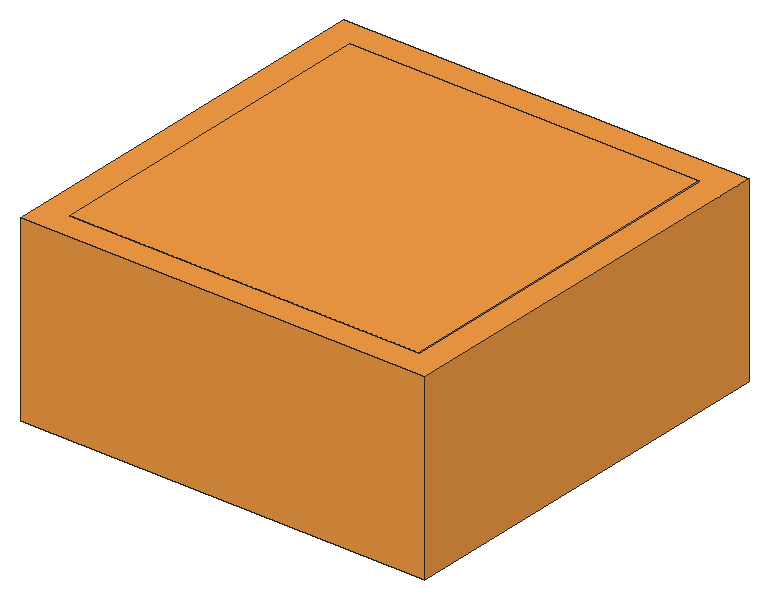
Revit family "Detector Titanus PRO·SENS tipo TP5_Aguilera Electronica", category Dispositivos de alarma de incendios, Revit 2017
Family settings
  Anfitrión = Cara
  Mantener orientación de anotación = Sí
  Cota de conector redondo = Diámetro de uso
  Tipo de pieza = Normal
  Número OmniClass = 23.85.30.21.11.17
  Título OmniClass = Other Components
  Corte con vacíos al cargar = No
  Compartido = No
  Punto de cálculo de habitación = No
Parameters (values of type "Titanus PRO·SENS tipo TP5 de 1 módulo de detección - Sensibilidad 0,5%")
  Zona de acción 80 m2 = yes
  Zona de acción 60 m2 = yes
  Voltaje = ""
  URL = "http://aguilera.es/?productos=titanus-prosens-tipo-tp1-1-modulo-de-deteccion"
  Símbolo texto modelo = yes
  Símbolo = yes
  Modelo = "AETP5-50"
  Fondo = 113 mm
  Fabricante = "Aguilera Electrónica"  # constant formula
  Elevación por defecto = 1200 mm
  Diámetro tubo = 20 mm
  Description = "El TITANUS PRO·SENS® ha sido desarrollado para una gran gama de aplicaciones. La alta modularidad del sistema ofrece una solución económica adaptada a las necesidades individuales del cliente.\r\n\r\nOfrece las opciones siguientes:\r\n\r\nConexión de uno o dos módulos detectores. Con un solo equipo podemos vigilar dos zonas, o bien doble detección en la misma zona (mediante el uso del adaptador en “”””Y”””” AET-P01109255).\r\nDe 1 a 3 niveles de alarma (aviso, prealarma y alarma) con relés conmutados libres de tensión, en función del modelo, para cada módulo detector.\r\nRelé de avería.\r\nConexión a red Ethernet, mediante tarjeta de red AET/ IT (No para modelos TP1).\r\nConexión al bucle algorítmico de Aguilera Electrónica mediante la tarjeta AE/SA-IT.\r\nVersión para zonas de congelación, que se puede utilizar en aplicaciones hasta – 40ºC.\r\nVersión silenciosa, con un nivel de ruido de 23dB(A).\r\n\r\nCaracterísticas técnicas:\r\n\r\nAlimentación: 24Vcc (14-30).\r\nDimensiones: 200x292x113 mm.\r\nIntervalo de temperatura: -20ºC a +60ºC.\r\nHumedad: del 10% al 95% sin condensación.\r\nCertificados EN 54-20 clases A, B, C nº 0786-CPD-20685.\r\nHomologados VdS, nº G 202064.\r\n"  # constant formula
  Código de montaje = "D5030700"
  Comentarios de tipo = "3 Niveles de alarma.\r\nNº máx. orificios de aspiración: 32.\r\nLongitud máx. de conducto: 300 m.\r\nConsumo en reposo: 210 mA.\r\nConsumo máximo en alarma: 220 mA.\r\nSensibilidad: 0,5%."
  Ancho = 200 mm
  Alto = 292 mm
Types (22, lengths in mm): name | Modelo | Comentarios de tipo
  (no name) | "AETP5-50" | "3 Niveles de alarma.\r\nNº máx. orificios de aspiración: 32.\r\nLongitud máx. de conducto: 300 m.\r\nConsumo en reposo: 210 mA.\r\nConsumo máximo en alarma: 220 mA.\r\nSensibilidad: 0,5%."
  Titanus PRO·SENS tipo TP5 de 1 módulo de detección - Sensibilidad 0,5% | "AETP5-50" | "3 Niveles de alarma.\r\nNº máx. orificios de aspiración: 32.\r\nLongitud máx. de conducto: 300 m.\r\nConsumo en reposo: 210 mA.\r\nConsumo máximo en alarma: 220 mA.\r\nSensibilidad: 0,5%."
  Titanus PRO·SENS tipo TP5 de 1 módulo de detección - Sensibilidad 0,1% | "AETP5-10" | "3 Niveles de alarma.\r\nNº máx. orificios de aspiración: 32.\r\nLongitud máx. de conducto: 300 m.\r\nConsumo en reposo: 210 mA.\r\nConsumo máximo en alarma: 220 mA.\r\nSensibilidad: 0,1%."
  Titanus PRO·SENS tipo TP5 de 1 módulo de detección - Sensibilidad 0,015% | "AETP5-01" | "3 Niveles de alarma.\r\nNº máx. orificios de aspiración: 32.\r\nLongitud máx. de conducto: 300 m.\r\nConsumo en reposo: 210 mA.\r\nConsumo máximo en alarma: 220 mA.\r\nSensibilidad: 0,015%."
  Titanus PRO·SENS tipo TP5 de 1 módulo de detección para ambiente frigorífico - Sensibilidad 0,5% | "AETP5-F50" | "3 Niveles de alarma.\r\nNº máx. orificios de aspiración: 32.\r\nLongitud máx. de conducto: 300 m.\r\nConsumo en reposo: 210 mA.\r\nConsumo máximo en alarma: 220 mA.\r\nSensibilidad: 0,5%."
  Titanus PRO·SENS tipo TP5 de 1 módulo de detección para ambiente frigorífico - Sensibilidad 0,1% | "AETP5-F10" | "3 Niveles de alarma.\r\nNº máx. orificios de aspiración: 32.\r\nLongitud máx. de conducto: 300 m.\r\nConsumo en reposo: 210 mA.\r\nConsumo máximo en alarma: 220 mA.\r\nSensibilidad: 0,1%."
  Titanus PRO·SENS tipo TP5 de 1 módulo de detección para ambiente frigorífico - Sensibilidad 0,015% | "AETP5-F01" | "3 Niveles de alarma.\r\nNº máx. orificios de aspiración: 32.\r\nLongitud máx. de conducto: 300 m.\r\nConsumo en reposo: 210 mA.\r\nConsumo máximo en alarma: 220 mA.\r\nSensibilidad: 0,015%."
  Titanus PRO·SENS tipo TP5 de 2 módulos de detección - Sensibilidad 0,5% y 0,5% | "AETP5-2-50" | "3 Niveles de alarma.\r\nNº máx. orificios de aspiración: 64 (2 x 32).\r\nLongitud máx. de conducto: 560 m (2 x 280).\r\nConsumo en reposo: 240 mA.\r\nConsumo máximo en alarma: 250 mA.\r\nSensibilidad Módulo 1: 0,5%.\r\nSensibilidad Módulo 2: 0,5%."
  Titanus PRO·SENS tipo TP5 de 2 módulos de detección - Sensibilidad 0,1% y 0,5% | "AETP5-2-1050" | "3 Niveles de alarma.\r\nNº máx. orificios de aspiración: 64 (2 x 32).\r\nLongitud máx. de conducto: 560 m (2 x 280).\r\nConsumo en reposo: 240 mA.\r\nConsumo máximo en alarma: 250 mA.\r\nSensibilidad Módulo 1: 0,1%.\r\nSensibilidad Módulo 2: 0,5%."
  Titanus PRO·SENS tipo TP5 de 2 módulos de detección - Sensibilidad 0,1% y 0,1% | "AETP5-2-10" | "3 Niveles de alarma.\r\nNº máx. orificios de aspiración: 64 (2 x 32).\r\nLongitud máx. de conducto: 560 m (2 x 280).\r\nConsumo en reposo: 240 mA.\r\nConsumo máximo en alarma: 250 mA.\r\nSensibilidad Módulo 1: 0,1%.\r\nSensibilidad Módulo 2: 0,1%."
  Titanus PRO·SENS tipo TP5 de 2 módulos de detección - Sensibilidad 0,15% y 0,5% | "AETP5-2-0150" | "3 Niveles de alarma.\r\nNº máx. orificios de aspiración: 64 (2 x 32).\r\nLongitud máx. de conducto: 560 m (2 x 280).\r\nConsumo en reposo: 240 mA.\r\nConsumo máximo en alarma: 250 mA.\r\nSensibilidad Módulo 1: 0,15%.\r\nSensibilidad Módulo 2: 0,5%."
  Titanus PRO·SENS tipo TP5 de 2 módulos de detección - Sensibilidad 0,15% y 0,1% | "AETP5-2-0110" | "3 Niveles de alarma.\r\nNº máx. orificios de aspiración: 64 (2 x 32).\r\nLongitud máx. de conducto: 560 m (2 x 280).\r\nConsumo en reposo: 240 mA.\r\nConsumo máximo en alarma: 250 mA.\r\nSensibilidad Módulo 1: 0,15%.\r\nSensibilidad Módulo 2: 0,1%."
  Titanus PRO·SENS tipo TP5 de 2 módulos de detección - Sensibilidad 0,15% y 0,15% | "AETP5-2-01" | "3 Niveles de alarma.\r\nNº máx. orificios de aspiración: 64 (2 x 32).\r\nLongitud máx. de conducto: 560 m (2 x 280).\r\nConsumo en reposo: 240 mA.\r\nConsumo máximo en alarma: 250 mA.\r\nSensibilidad Módulo 1: 0,15%.\r\nSensibilidad Módulo 2: 0,15%."
  Titanus PRO·SENS tipo TP5 de 2 módulos de detección para ambiente frigorífico - Sensibilidad 0,5% y 0,5% | "AETP5-F2-50" | "3 Niveles de alarma.\r\nNº máx. orificios de aspiración: 64 (2 x 32).\r\nLongitud máx. de conducto: 560 m (2 x 280).\r\nConsumo en reposo: 240 mA.\r\nConsumo máximo en alarma: 250 mA.\r\nSensibilidad Módulo 1: 0,5%.\r\nSensibilidad Módulo 2: 0,5%."
  Titanus PRO·SENS tipo TP5 de 2 módulos de detección para ambiente frigorífico - Sensibilidad 0,1% y 0,1% | "AETP5-F2-10" | "3 Niveles de alarma.\r\nNº máx. orificios de aspiración: 64 (2 x 32).\r\nLongitud máx. de conducto: 560 m (2 x 280).\r\nConsumo en reposo: 240 mA.\r\nConsumo máximo en alarma: 250 mA.\r\nSensibilidad Módulo 1: 0,1%.\r\nSensibilidad Módulo 2: 0,1%."
  Titanus PRO·SENS tipo TP5 de 2 módulos de detección para ambiente frigorífico - Sensibilidad 0,1% y 0,5% | "AETP5-F2-1050" | "3 Niveles de alarma.\r\nNº máx. orificios de aspiración: 64 (2 x 32).\r\nLongitud máx. de conducto: 560 m (2 x 280).\r\nConsumo en reposo: 240 mA.\r\nConsumo máximo en alarma: 250 mA.\r\nSensibilidad Módulo 1: 0,1%.\r\nSensibilidad Módulo 2: 0,5%."
  Titanus PRO·SENS tipo TP5 de 2 módulos de detección para ambiente frigorífico - Sensibilidad 0,15% y 0,1% | "AETP5-F2-0110" | "3 Niveles de alarma.\r\nNº máx. orificios de aspiración: 64 (2 x 32).\r\nLongitud máx. de conducto: 560 m (2 x 280).\r\nConsumo en reposo: 240 mA.\r\nConsumo máximo en alarma: 250 mA.\r\nSensibilidad Módulo 1: 0,15%.\r\nSensibilidad Módulo 2: 0,1%."
  Titanus PRO·SENS tipo TP5 de 2 módulos de detección para ambiente frigorífico - Sensibilidad 0,15% y 0,15% | "AETP5-F2-01" | "3 Niveles de alarma.\r\nNº máx. orificios de aspiración: 64 (2 x 32).\r\nLongitud máx. de conducto: 560 m (2 x 280).\r\nConsumo en reposo: 240 mA.\r\nConsumo máximo en alarma: 250 mA.\r\nSensibilidad Módulo 1: 0,15%.\r\nSensibilidad Módulo 2: 0,15%."
  Titanus PRO·SENS tipo TP5 de 2 módulos de detección para ambiente frigorífico - Sensibilidad 0,15% y 0,5% | "AETP5-F2-0150" | "3 Niveles de alarma.\r\nNº máx. orificios de aspiración: 64 (2 x 32).\r\nLongitud máx. de conducto: 560 m (2 x 280).\r\nConsumo en reposo: 240 mA.\r\nConsumo máximo en alarma: 250 mA.\r\nSensibilidad Módulo 1: 0,15%.\r\nSensibilidad Módulo 2: 0,5%."
  Titanus PRO·SENS tipo TP5 de 2 módulos de detección doble detección - Sensibilidad 0,1% y 0,5% | "AETP5-2-D1050" | "3 Niveles de alarma.\r\nNº máx. orificios de aspiración: 64 (2 x 32).\r\nLongitud máx. de conducto: 560 m (2 x 280).\r\nConsumo en reposo: 240 mA.\r\nConsumo máximo en alarma: 250 mA.\r\nSensibilidad Módulo 1: 0,1%.\r\nSensibilidad Módulo 2: 0,5%."
  Titanus PRO·SENS tipo TP5 de 2 módulos de detección doble detección - Sensibilidad 0,15% y 0,5% | "AETP5-2-D0150" | "3 Niveles de alarma.\r\nNº máx. orificios de aspiración: 64 (2 x 32).\r\nLongitud máx. de conducto: 560 m (2 x 280).\r\nConsumo en reposo: 240 mA.\r\nConsumo máximo en alarma: 250 mA.\r\nSensibilidad Módulo 1: 0,15%.\r\nSensibilidad Módulo 2: 0,5%."
  Titanus PRO·SENS tipo TP5 de 2 módulos de detección doble detección - Sensibilidad 0,15% y 0,1% | "AETP5-2-D0110" | "3 Niveles de alarma.\r\nNº máx. orificios de aspiración: 64 (2 x 32).\r\nLongitud máx. de conducto: 560 m (2 x 280).\r\nConsumo en reposo: 240 mA.\r\nConsumo máximo en alarma: 250 mA.\r\nSensibilidad Módulo 1: 0,15%.\r\nSensibilidad Módulo 2: 0,1%."
Reference planes
  plane 1 "Centro (Frontal/Posterior)": y = 0
  plane 2: z = 0
  plane 3 "Centro (Izquierda/Derecha)": x = 0
  plane 4: y = 146
  plane 5: y = -146
  plane 6: x = -100
  plane 7: x = 100
  plane 8: z = 113
  plane 9: z = 110
  plane 10: z = 107
Forms (mm)
  Extrusion 1, solid
    sketch origin (0, 0, 0) x (1, 0, 0) y (0, 1, 0)
      loop
        line (-1219.2, 1219.2) -> (-1219.2, -1219.2) -> (1219.2, -1219.2) -> (1219.2, 1219.2) -> (-1219.2, 1219.2)
    from 0 to -304.8
  Extrusion 2, solid, material "ABS Gris"
    sketch origin (0, 0, 0) x (1, 0, 0) y (0, 1, 0)
      loop
        line (-100, -146) -> (100, -146) -> (100, 146) -> (-100, 146) -> (-100, -146)
    from 0 to 113 <- "Fondo"
  Extrusion 3, solid, material "ABS Gris", detail levels fine
    sketch origin (0, 0, 0) x (1, 0, 0) y (0, 1, 0)
      loop
        line (84.502, -111.186) -> (84.502, -0.381)
        arc (84.502, -0.381) -> (-2.643, -8.099) -> (-85.498, -36.186) r 367.691
        line (-85.498, -36.186) -> (-85.498, -111.186) -> (84.502, -111.186)
    from 113 to 123
  Extrusion 4, solid, material "ABS Gris", detail levels fine
    sketch origin (0, 0, 0) x (1, 0, 0) y (0, 0, 1)
      loop
        circle (34.456, 58.972) r 15
    from -156 to -146
  Extrusion 5, solid, material "ABS Gris", detail levels fine
    sketch origin (0, 0, 0) x (-1, 0, 0) y (0, 0, -1)
      loop
        circle (34.456, -58.972) r 15
    from -156 to -146
  Extrusion 6, solid, material "Zona de acción", visible <- "Zona de acción 80 m2"
    sketch origin (-3703.865, 3705, 0) x (1, 0, 0) y (0, 1, 0)
      loop
        line (-746.135, -8155) -> (8153.865, -8155) -> (8153.865, 745) -> (-746.135, 745) -> (-746.135, -8155)
    from 0 to 4000
  Extrusion 7, solid, material "Zona de acción", visible <- "Zona de acción 60 m2"
    sketch origin (-4303.865, 3105, 0) x (1, 0, 0) y (0, 1, 0)
      loop
        line (453.865, -6955) -> (8153.865, -6955) -> (8153.865, 745) -> (453.865, 745) -> (453.865, -6955)
    from 0 to 4000
Dimensions and locks
  equal spacing: plane 5, plane 1 "Centro (Frontal/Posterior)", plane 4
  "Alto": plane 5 to plane 4
  equal spacing: plane 6, plane 3 "Centro (Izquierda/Derecha)", plane 7
  "Ancho": plane 6 to plane 7
  "Fondo": plane 8 to plane 2
  locked: plane 8 to plane 10 at 6
  locked: plane 8 to plane 9 at 3
  aligned and locked: plane 2 to Extrusion 1
  aligned and locked: level to Extrusion 1
  aligned and locked: plane 5 to Extrusion 2 sketch curve
  aligned and locked: Extrusion 2 sketch curve to plane 6
  aligned and locked: plane 4 to Extrusion 2 sketch curve
  aligned and locked: Extrusion 2 sketch curve to plane 7
Automatic sketch dimensions
  Extrusion 1 sketch curve to Extrusion 1 sketch curve = 2438.4 mm  (x2)
  plane 6 to Extrusion 3 sketch curve = 14.502 mm
  plane 7 to Extrusion 3 sketch curve = 26.864 mm
  plane 1 "Centro (Frontal/Posterior)" to Extrusion 3 sketch curve = 0.381 mm
  plane 7 to Extrusion 3 sketch curve = 15.498 mm
  plane 1 "Centro (Frontal/Posterior)" to Extrusion 3 sketch curve = 36.186 mm
  Extrusion 3 sketch curve to plane 5 = 34.814 mm
  plane 3 "Centro (Izquierda/Derecha)" to Extrusion 4 sketch curve = 34.456 mm
  Extrusion 4 sketch curve to plane 10 = 48.028 mm
  plane 3 "Centro (Izquierda/Derecha)" to Extrusion 5 sketch curve = 34.456 mm
  plane 10 to Extrusion 5 sketch curve = 48.028 mm
  plane 7 to Extrusion 6 sketch curve = 4550 mm
  Extrusion 6 sketch curve to Extrusion 6 sketch curve = 8900 mm
  plane 5 to Extrusion 6 sketch curve = 4304 mm
  plane 4 to Extrusion 6 sketch curve = 4304 mm
  plane 7 to Extrusion 7 sketch curve = 3950 mm
  Extrusion 7 sketch curve to Extrusion 7 sketch curve = 7700 mm
  plane 5 to Extrusion 7 sketch curve = 3704 mm
  plane 4 to Extrusion 7 sketch curve = 3704 mm
  radius of Extrusion 4 sketch curve = 15 mm
  radius of Extrusion 5 sketch curve = 15 mm
Nested families
  nested 1: "S_Detector Titanus PRO·SENS_Aguilera Electronica" at (0, 0, 0), visible <- "Símbolo", type "S_Detector Titanus PRO·SENS_Aguilera Electronica"
Connectors
  electrical at (0, 0, 0), driven by "Modelo"
    settings: index 1, voltage 0 V, apparent load 0 VA, apparent load phase1 0 VA, apparent load phase2 0 VA, apparent load phase3 0 VA, power factor 1, load classification "Potencia", number of poles 1, system type 31, power factor state 1, is connector primary yes, connector utility no, sub classification motor no, connector description "AETP5-50"
  cabletrayconduit at (0, 0, 0), diameter 20, driven by "Diámetro tubo", driven by "Modelo"
    settings: on Extrusion 2, index 2, connector width 300 mm, connector height 300 mm, connector angle 0.00°, system type 32, placement type 0, profile type 0, connector reference index -1, is primary connector yes, connector utility param no, connector description "AETP5-50"
Definition of nested family "S_Detector Titanus PRO·SENS_Aguilera Electronica"
  Parameters (values of type "S_Detector Titanus PRO·SENS_Aguilera Electronica")
    Texto símbolo = "Detector"
    Texto modelo = yes
    Modelo = "Detector"
  Reference planes
    plane 1: y = 0
    plane 2: x = 0
  Lines and regions (mm)
    detail lines
      curve 1: line (-3.572, -5.498, 0) -> (3.896, -5.498, 0)
      curve 2: line (-3.572, 5.498, 0) -> (-3.572, -5.498, 0)
      curve 3: line (3.896, 5.498, 0) -> (-3.572, 5.498, 0)
      curve 4: line (3.896, -5.498, 0) -> (3.896, 5.498, 0)
  Text (mm)
    label "Texto símbolo" at (-0.164, 2.864, 0), shows "Texto símbolo"
    label "Modelo" at (-0.164, -2.652, 0), shows "Modelo", visible <- "Texto modelo"
